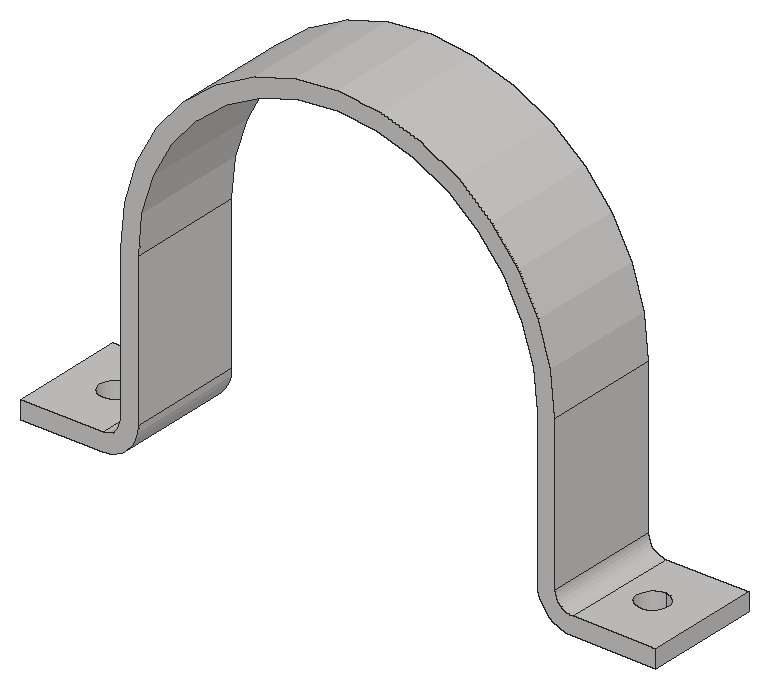
Revit family "Pipe-Strap-Atkore-Single-Piece-P2558-50", category Specialty Equipment, Revit 2012
Parameters (values of type "P2558-50")
  ecoScorecard_data = ""
  ecoScorecard Product Page = ""
  Unit = Metal - Aluminum - Atkore - Electro - Galvanized
  URL = "http://unistrut.us/index.php"
  Thickness = 3.20 mm
  Subcategory = "Pipe Strap"  # constant formula
  Product Page URL = ""
  Part Type = "Strap"  # constant formula
  Part Number = "P2558-50"
  Overall Width = 226.219 mm
  Overall Height = 144.453 mm
  Overall Depth = 41.275 mm
  Model = "P2558-50"  # constant formula
  Material = "Multiple Options - See Catalog"
  Manufacturer Toll Free Phone = "800-882-5543"  # constant formula
  Manufacturer Phone = "708-339-1610"  # constant formula
  Manufacturer Fax = "708-339-7814"  # constant formula
  Manufacturer Email = "mailto:questions@atkore.com"
  Manufacturer Address = "16100 South Lathrop Avenue, Harvey, IL 60426"  # constant formula
  Manufacturer = "Unistrut by Atkore International"  # constant formula
  Load Capacity Note = "Visit the product page for load application and capacity."  # constant formula
  Literature URL = ""
  Description = "Single Piece Pipe Strap"  # constant formula
  Cost Info = "mailto:questions@atkore.com"
  Construction Note = ""
  Conduit Size = 9.50 mm  # constant formula
  CSI MasterSpec = ""
  CAD URL = ""
  Assembly Code = "D5090300"
  95 CSI = "16070"  # constant formula
  04 CSI = "26 05 48"  # constant formula
Reference planes
  plane 1 "Center (Front/Back)": y = 0
  plane 2: z = 0
  plane 3 "Center (Left/Right)": x = 0
  plane 4: y = 20.637
  plane 5: y = -20.637
  plane 6: x = -113.109
  plane 7: x = 113.109
  plane 8: z = 144.453
Dimensions and locks
  equal spacing: plane 4, plane 1 "Center (Front/Back)", plane 5
  "Overall Height": plane 8 to level
  "Overall Depth": plane 4 to plane 5
  "Overall Width": plane 6 to plane 7
  equal spacing: plane 6, plane 3 "Center (Left/Right)", plane 7
  aligned and locked: level to plane 2
  aligned and locked: plane 3 "Center (Left/Right)" to nested 1
  aligned and locked: plane 1 "Center (Front/Back)" to nested 1
Nested families
  nested 1: "P2558-50" at (0, 0, 0), type "P2558-50"
Definition of nested family "P2558-50"
  Parameters (values of type "P2558-50")
    Unit = none
    Default Elevation = 0.00 mm
    C = 11.10 mm
    B = 7.10 mm
    A = 95.30 mm
  Reference planes
    plane 1 "Center (Front/Back)": y = 0
    plane 2: z = 0
    plane 3 "Center (Left/Right)": x = 0
    plane 4: y = -20.638
    plane 5: x = -72.628
    plane 6: x = 72.628
    plane 7: y = 20.637
    plane 8: z = 63.5
  Forms (mm)
    Sweep 1, solid, material <- "Unit"
      path origin (0, 0, 0) x (1, 0, 0) y (0, 1, 0)
        loop
          line (0, 20.637) -> (0, -20.638)
      profile origin (0, 0, 0) x (1, 0, 0) y (0, 0, 1)
        loop
          arc (77.378, 67.079) -> (-0.005, 144.462) -> (-77.388, 67.079) r 77.383
          line (-77.388, 67.079) -> (-77.388, 12.7)
          arc (-77.388, 12.7) -> (-79.248, 8.21) -> (-83.738, 6.35) r 6.35
          line (-83.738, 6.35) -> (-83.738, 0)
          arc (-83.738, 0) -> (-74.758, 3.72) -> (-71.038, 12.7) r 12.7
          line (-71.038, 12.7) -> (-71.038, 67.079)
          arc (-71.038, 67.079) -> (-0.005, 138.112) -> (71.028, 67.079) r 71.033
          line (71.028, 67.079) -> (71.028, 12.7)
          arc (71.028, 12.7) -> (74.748, 3.72) -> (83.728, 0) r 12.7
          line (83.728, 0) -> (83.728, 6.35)
          arc (83.728, 6.35) -> (79.238, 8.21) -> (77.378, 12.7) r 6.35
          line (77.378, 12.7) -> (77.378, 67.079)
    Sweep 2, solid, material <- "Unit"
      path origin (53.975, 2.391, 0) x (-1, 0, 0) y (0, 0, 1)
        loop
          line (-72.628, 6.35) -> (-72.628, 0)
      profile origin (126.603, 2.391, 3.175) x (0, -1, 0) y (1, 0, 0)
        loop
          line (23.028, -42.875) -> (23.028, -13.516) -> (-18.247, -13.516) -> (-18.247, -42.875) -> (23.028, -42.875)
        loop
          circle (2.391, -30.978) r 5.556
    Sweep 3, solid, material <- "Unit"
      path origin (-40.194, 0.828, 0) x (1, 0, 0) y (0, 0, 1)
        loop
          line (-72.628, 6.35) -> (-72.628, 0)
      profile origin (-112.822, 0.828, 3.175) x (0, -1, 0) y (1, 0, 0)
        loop
          line (21.466, 29.084) -> (-19.809, 29.084) -> (-19.809, -0.287) -> (21.466, -0.287) -> (21.466, 29.084)
        loop
          circle (0.828, 17.189) r 5.556
  Cuts and joins
    joined: Sweep 1, Sweep 2, Sweep 3
  Dimensions and locks
    equal spacing: plane 4, plane 1 "Center (Front/Back)", plane 7
    equal spacing: plane 5, plane 3 "Center (Left/Right)", plane 6
    aligned and locked: plane 2 to level
    aligned and locked: plane 7 to Sweep 1 sketch curve
    aligned and locked: Sweep 1 sketch curve to plane 3 "Center (Left/Right)"
  Automatic sketch dimensions
    Sweep 1 sketch curve to plane 4 = 0.00 mm
    Sweep 1 sketch curve to Sweep 1 sketch curve = 0.00 mm  (x6)
    Sweep 1 sketch curve to level = 0.00 mm  (x2)
    level to Sweep 1 sketch curve = 6.35 mm
    profile plane to Sweep 1 sketch curve = 83.738 mm
    Sweep 1 sketch curve to Sweep 1 sketch curve = 6.35 mm  (x2)
    profile plane to Sweep 1 sketch curve = 0.005 mm
    Sweep 1 sketch curve to Sweep 1 sketch curve = 54.379 mm
    Sweep 2 sketch curve to level = 0.00 mm
    Sweep 2 sketch curve to plane 6 = 53.975 mm
    Sweep 2 sketch curve to Sweep 2 sketch curve = 6.35 mm
    profile plane to Sweep 2 sketch curve = 13.516 mm
    Sweep 2 sketch curve to profile plane = 18.247 mm
    profile plane to Sweep 2 sketch curve = 2.391 mm
    profile plane to Sweep 2 sketch curve = 23.028 mm
    profile plane to Sweep 2 sketch curve = 30.978 mm
    Sweep 2 sketch curve to Sweep 2 sketch curve = 11.897 mm
    Sweep 3 sketch curve to level = 0.00 mm
    Sweep 3 sketch curve to plane 5 = 40.194 mm
    Sweep 3 sketch curve to Sweep 3 sketch curve = 6.35 mm
    Sweep 3 sketch curve to profile plane = 19.809 mm
    profile plane to Sweep 3 sketch curve = 0.828 mm
    profile plane to Sweep 3 sketch curve = 0.287 mm
    profile plane to Sweep 3 sketch curve = 21.466 mm
    Sweep 3 sketch curve to profile plane = 17.189 mm
    Sweep 3 sketch curve to Sweep 3 sketch curve = 11.895 mm
    radius of Sweep 2 sketch curve = 5.556 mm
    radius of Sweep 3 sketch curve = 5.556 mm
